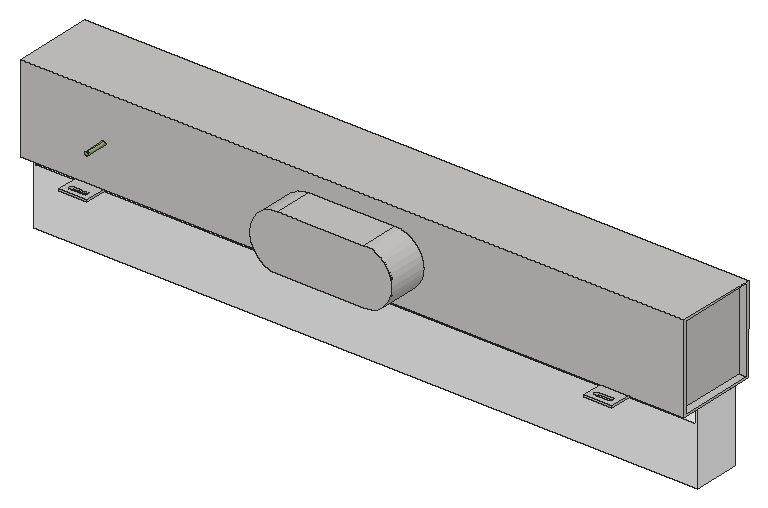
Revit family "HVAC-Inffuser-Dadanco-IDL10e", category Mechanical Equipment, Revit 2015
Parameters (values of type "4' Nominal Length")
  Zone Name [instance] = ""
  Zone ID [instance] = ""
  Unit Width = 0' - 8 199/256"  # constant formula
  Unit Tag [instance] = ""
  Unit Height = 0' - 11 105/256"  # constant formula
  URL = "http://www.dadanco.com/"
  Type Comments = "1 way Discharge External Entrainment Linear Inffuser"
  Total Cooling Capacity = 0.0 Btu/h
  Supply Air = 0 CFM
  Revision Date = "04/04/2008"  # constant formula
  Primary Air Static Pressure [instance] = PASP  # 0.00 in-wg
  Primary Air Inlet Size = 0' - 8"
  Primary Air Flow Rate [instance] = PA  # 0 CFM
  PASP = 0.00 in-wg
  PA = 0 CFM
  Overall Unit Length = Nominal Unit Length - 0' 0 1/4"  # 3' - 11 3/4"
  Nozzle Configuration = ""
  Nominal Unit Length = 4' - 0"
  Net Unit Cooling Sensible = 0.0 Btu/h
  Model Number = ""
  Latent Cooling = 0.0 Btu/h
  Keynote = "23 37 00.A1"
  Grill Material = Metal-Dadanco-Aluminum-Bone White
  Product Page URL = "http://www.dadanco.com/inffuser/dadanco_inffuser_air.asp"
  Documentation Link = "http://www.dadanco.com/inffuser/air_quality_literature.asp?productLineID=31"
  Elevation = ""
  Discharge Rear [instance] = not(Discharge Front)  # no
  Discharge Front [instance] = yes
  Cooling Supply Air Temperature = 0 °F
  Cooling Room Relative Humidity = 0
  Cooling Room Dry Bulb = 0 °F
  Cooling Primary Air Relative Humidity = 0
  Model = "IDL10E"  # constant formula
  Manufacturer = "Dadanco"  # constant formula
  Plenum Material = Metal-Dadanco-Steel-Galvanized
  Description = "Inffuser"  # constant formula
  Cooling Primary Air Dry Bulb = 0 °F
  Architectural Design Manual = "http://www.dadanco.com/inffuser/dadanco_inffuser_air.asp"
  Air Inlet Length = if(Primary Air Inlet Size = 0' 6", 0' 7 215/256", if(Primary Air Inlet Size = 0' 8", 0' 10 61/256", if(Primary Air Inlet Size = 0' 10", 1' 0 215/256", 0' 6")))  # 0' - 10 61/256"
  Air Inlet Radius = if(Primary Air Inlet Size = 0' 6", 0' 1 41/128", if(Primary Air Inlet Size = 0' 8", 0' 2 5/256", if(Primary Air Inlet Size = 0' 10", 0' 2 41/128", 0' 1 1/2")))  # 0' - 2 5/256"
  Air Inlet Height = Air Inlet Radius * 2  # 0' - 4 5/128"
  Air Inlet Half Length = Air Inlet Length / 2  # 0' - 5.11914"
  Assembly Code = "D3040100"
Reference planes (in)
  plane 1 "Center (Front/Back)": y = 4.89822
  plane 2 "Bottom of Plenum": z = 5.11116
  plane 3 "Center (Left/Right)": x = 0.55581
  plane 4 "Nominal Right": x = 24.43081
  plane 5 "Back Edge of Back Bracket": y = 9.28689
  plane 6 "Front Edge of Front Bracket": y = 0.50955
  plane 7 "Top": z = 11.41016
  plane 8 "Bottom": z = 0
  plane 9 "Nominal Left": x = -23.31919
  plane 10 "Back Face of Plenum": y = 7.77822
  plane 11 "Front Face of Plenum": y = 2.01822
  plane 12 "Back Face of Grill": y = 6.57122
  plane 13 "Front Face of Grill": y = 3.22522
  plane 14 "Comiss Pipe Centerline": x = -17.31919
  plane 15 "Left Bracket Left Edge": x = -19.31919
  plane 16 "Right Bracket Right Edge": x = 20.43081
  plane 17 "Left End of Air Inlet": x = -4.56333
  plane 18 "Right End of Air Inlet": x = 5.67495
  plane 19 "Horizontal Centerline of Air Inlet": z = 8.11116
  plane 20 "Top of Grill": z = 4.12716
Forms (in)
  Extrusion 1, solid, material "Metal-Dadanco-Steel-Galvanized" <- "Plenum Material"
    sketch origin (0.55581, 0, 0) x (0, 1, 0) y (0, 0, 1)
      loop
        line (2.01822, 5.11116) -> (7.77822, 5.11116) -> (7.77822, 11.41016) -> (2.01822, 11.41016) -> (2.01822, 5.11116)
    from -23.875 to 23.875
  Extrusion 2, solid, material "Metal-Dadanco-Aluminum-Bone White" <- "Grill Material"
    sketch origin (-13.44419, 7.52127, -6.32843) x (0, 0, -1) y (1, 0, 0)
      loop
        line (-11.43959, -9.875) -> (-6.32843, -9.875) -> (-6.32843, 37.875) -> (-11.43959, 37.875) -> (-11.43959, 37.75) -> (-10.45559, 37.75) -> (-10.45559, -9.75) -> (-11.43959, -9.75) -> (-11.43959, -9.875)
    from 0.95005 to 4.29605
  Extrusion 3, void, detail levels medium+fine
    sketch origin (0.55581, 0, 0) x (0, 1, 0) y (0, 0, 1)
      loop
        line (2.14322, 5.23616) -> (7.65322, 5.23616) -> (7.65322, 11.28516) -> (2.14322, 11.28516) -> (2.14322, 5.23616)
    from 23.275 to 23.875
  Extrusion 4, void, detail levels medium+fine
    sketch origin (-23.31919, 29.0104, 48) x (0, -1, 0) y (0, 0, 1)
      loop
        line (21.35718, -42.76384) -> (26.86718, -42.76384) -> (26.86718, -36.71484) -> (21.35718, -36.71484) -> (21.35718, -42.76384)
    from -0.60156 to 0
  Extrusion 5, solid, material "Metal-Dadanco-Copper-Platina", detail levels medium+fine
    sketch origin (-9.20803, 2.01822, 25.43034) x (0, 0, -1) y (-1, 0, 0)
      loop
        circle (17.31919, 8.11116) r 0.125
    from -1.50867 to 0
  Extrusion 6, solid, material "Metal-Dadanco-Steel-Galvanized" <- "Plenum Material", detail levels medium+fine
    sketch origin (0, 2.01822, 0) x (-1, 0, 0) y (0, 0, 1)
      loop
        line (2.5438, 10.13069) -> (-3.65542, 10.13069)
        spline (-3.65542, 10.13069) -> (-4.17811, 10.06187) -> (-4.66519, 9.86012) -> (-5.08345, 9.53918) -> (-5.40439, 9.12092) -> (-5.60614, 8.63385) -> (-5.67495, 8.11116) -> (-5.60614, 7.58846) -> (-5.40439, 7.10139) -> (-5.08345, 6.68313) -> (-4.66519, 6.36219) -> (-4.17811, 6.16044) -> (-3.65542, 6.09162)
        line (-3.65542, 6.09162) -> (2.5438, 6.09162)
        spline (2.5438, 6.09162) -> (3.06649, 6.16044) -> (3.55356, 6.36219) -> (3.97182, 6.68313) -> (4.29276, 7.10139) -> (4.49452, 7.58846) -> (4.56333, 8.11116) -> (4.49452, 8.63385) -> (4.29276, 9.12092) -> (3.97182, 9.53918) -> (3.55356, 9.86012) -> (3.06649, 10.06187) -> (2.5438, 10.13069)
    from -2.8 to 0
Cuts and joins
  Extrusion 3, Extrusion 4 cuts Extrusion 1
Lines and regions (in)
  Masking region 1
    outline origin (0, 0, 11.41016) x (0, 1, 0) y (-1, 0, 0)
      loop
        line (2.01822, 23.31919) -> (2.01822, -24.43081) -> (7.77822, -24.43081) -> (7.77822, 23.31919) -> (2.01822, 23.31919)
  Masking region 2
    outline origin (0, 2.01822, 0) x (-1, 0, 0) y (0, 0, 1)
      loop
        line (-24.43081, 0) -> (23.31919, 0) -> (23.31919, 11.41016) -> (-24.43081, 11.41016) -> (-24.43081, 0)
  Masking region 3, detail levels medium+fine
    outline origin (-23.31919, 29.0104, 48) x (0, 1, 0) y (0, 0, 1)
      loop
        line (-21.23218, -36.58984) -> (-26.99218, -36.58984) -> (-26.99218, -42.88884) -> (-25.78518, -42.88884) -> (-25.78518, -48) -> (-22.43918, -48) -> (-22.43918, -42.88884) -> (-21.23218, -42.88884) -> (-21.23218, -36.58984)
  Masking region 4, detail levels medium+fine
    outline origin (24.43081, 0, 0) x (0, 1, 0) y (0, 0, 1)
      loop
        line (7.77822, 11.41016) -> (2.01822, 11.41016) -> (2.01822, 5.11116) -> (3.22522, 5.11116) -> (3.22522, 0) -> (6.57122, 0) -> (6.57122, 5.11116) -> (7.77822, 5.11116) -> (7.77822, 11.41016)
  Masking region 5, detail levels medium+fine
    outline origin (0, 0, 8.11116) x (-1, 0, 0) y (0, -1, 0)
      loop
        line (4.56333, 0.78178) -> (-5.67495, 0.78178) -> (-5.67495, -2.01822) -> (4.56333, -2.01822) -> (4.56333, 0.78178)
  Masking region 6, detail levels coarse
    outline origin (24.43081, 0, 0) x (0, 1, 0) y (0, 0, 1)
      loop
        line (2.01822, 11.41016) -> (2.01822, 0) -> (7.77822, 0) -> (7.77822, 11.41016) -> (2.01822, 11.41016)
  Masking region 7, detail levels medium+fine
    outline origin (0.55581, 0, 0) x (0, 1, 0) y (0, 0, 1)
      loop
        line (-0.78178, 6.09162) -> (2.01822, 6.09162) -> (2.01822, 10.13069) -> (-0.78178, 10.13069) -> (-0.78178, 6.09162)
  reference lines
    curve 1: line (-6.4555, 2.01822, 6.09162) -> (8.94293, 2.01822, 6.09162)
    curve 2: line (-6.4555, 2.01822, 10.13069) -> (8.94293, 2.01822, 10.13069)
    curve 4: line (-2.5438, 2.01822, 5.85851) -> (-2.5438, 2.01822, 10.72103)
    curve 5: line (3.65542, 2.01822, 5.85851) -> (3.65542, 2.01822, 10.72103)
    curve 6: line (-5.29742, -0.78178, 0) -> (7.35102, -0.78178, 0)
  model lines, style "MechanicalEquipment", visible <- "Discharge Front", detail levels medium+fine
    curve 3: line (-23.31919, 5.32122, 0) -> (24.43081, 5.32122, 0)
  symbolic lines, detail levels fine
    curve 7: line (-17.44419, 2.01822, 5.11116) -> (-17.44419, 0.50955, 5.11116)
    curve 17: line (-23.31919, 7.65322, 5.23616) -> (-23.31919, 2.14322, 5.23616)
    curve 18: line (-23.31919, 7.65322, 11.28516) -> (-23.31919, 7.65322, 5.23616)
    curve 19: line (-23.31919, 2.14322, 11.28516) -> (-23.31919, 7.65322, 11.28516)
    curve 20: line (-23.31919, 2.14322, 5.23616) -> (-23.31919, 2.14322, 11.28516)
    curve 25: line (0.55581, 2.14322, 5.23616) -> (0.55581, 7.65322, 5.23616)
    curve 26: line (0.55581, 2.14322, 11.28516) -> (0.55581, 2.14322, 5.23616)
    curve 27: line (0.55581, 7.65322, 11.28516) -> (0.55581, 2.14322, 11.28516)
    curve 28: line (0.55581, 7.65322, 5.23616) -> (0.55581, 7.65322, 11.28516)
  symbolic lines, detail levels medium+fine
    curve 8: line (24.30581, 7.77822, 5.11116) -> (24.30581, 7.77822, 4.12716)
    curve 9: line (24.30581, 7.77822, 4.12716) -> (-23.19419, 7.77822, 4.12716)
    curve 10: line (-23.19419, 7.77822, 4.12716) -> (-23.19419, 7.77822, 5.11116)
    curve 11: line (-23.34222, 7.77822, 5.11116) -> (24.43081, 7.77822, 5.11116)
    curve 12: line (-23.19419, 2.01822, 5.11116) -> (-23.19419, 2.01822, 4.12716)
    curve 13: line (-23.19419, 2.01822, 4.12716) -> (24.30581, 2.01822, 4.12716)
    curve 14: line (24.30581, 2.01822, 4.12716) -> (24.30581, 2.01822, 5.11116)
    curve 15: line (24.43081, 2.01822, 5.11116) -> (-23.34222, 2.01822, 5.11116)
    curve 16: line (-23.31919, 6.57122, 5.11116) -> (-23.31919, 3.22522, 5.11116)
    curve 21: line (-17.31919, 2.01822, 8.23616) -> (-17.31919, 0.50955, 8.23616)
    curve 22: line (-17.31919, 0.50955, 8.23616) -> (-17.31919, 0.50955, 7.98616)
    curve 23: line (-17.31919, 0.50955, 7.98616) -> (-17.31919, 2.01822, 7.98616)
    curve 24: line (24.43081, 3.22522, 5.11116) -> (24.43081, 6.57122, 5.11116)
    curve 29: circle (-17.31919, 2.01822, 8.11116) r 0.125 normal (0, 1, 0)
    curve 30: spline (-2.5438, 2.01822, 6.09162) -> (-3.06649, 2.01822, 6.16044) -> (-3.55356, 2.01822, 6.36219) -> (-3.97182, 2.01822, 6.68313) -> (-4.29276, 2.01822, 7.10139) -> (-4.49452, 2.01822, 7.58846) -> (-4.56333, 2.01822, 8.11116) -> (-4.49452, 2.01822, 8.63385) -> (-4.29276, 2.01822, 9.12092) -> (-3.97182, 2.01822, 9.53918) -> (-3.55356, 2.01822, 9.86012) -> (-3.06649, 2.01822, 10.06187) -> (-2.5438, 2.01822, 10.13069)
    curve 31: spline (3.65542, 2.01822, 10.13069) -> (4.17811, 2.01822, 10.06187) -> (4.66519, 2.01822, 9.86012) -> (5.08345, 2.01822, 9.53918) -> (5.40439, 2.01822, 9.12092) -> (5.60614, 2.01822, 8.63385) -> (5.67495, 2.01822, 8.11116) -> (5.60614, 2.01822, 7.58846) -> (5.40439, 2.01822, 7.10139) -> (5.08345, 2.01822, 6.68313) -> (4.66519, 2.01822, 6.36219) -> (4.17811, 2.01822, 6.16044) -> (3.65542, 2.01822, 6.09162)
    curve 32: line (-2.5438, 2.01822, 10.13069) -> (3.65542, 2.01822, 10.13069)
    curve 33: line (3.65542, 2.01822, 6.09162) -> (-2.5438, 2.01822, 6.09162)
  model lines, style "MechanicalEquipment", visible <- "Discharge Rear", detail levels medium+fine
    curve 34: line (-23.31919, 4.47522, 0) -> (24.43081, 4.47522, 0)
Dimensions and locks (in)
  equal spacing: plane 9 "Nominal Left", plane 3 "Center (Left/Right)", plane 4 "Nominal Right"
  "Overall Unit Length": plane 9 "Nominal Left" to plane 4 "Nominal Right"
  "Unit Width": plane 6 "Front Edge of Front Bracket" to plane 5 "Back Edge of Back Bracket"
  equal spacing: plane 5 "Back Edge of Back Bracket", plane 1 "Center (Front/Back)", plane 6 "Front Edge of Front Bracket"
  "Unit Height": plane 7 "Top" to plane 8 "Bottom"
  locked: plane 7 "Top" to plane 2 "Bottom of Plenum" at 6.299
  locked: plane 10 "Back Face of Plenum" to plane 11 "Front Face of Plenum" at 5.76
  equal spacing: plane 10 "Back Face of Plenum", plane 1 "Center (Front/Back)", plane 11 "Front Face of Plenum"
  locked: plane 9 "Nominal Left" to plane 14 "Comiss Pipe Centerline" at 6
  locked: plane 9 "Nominal Left" to plane 15 "Left Bracket Left Edge" at 4
  locked: plane 16 "Right Bracket Right Edge" to plane 4 "Nominal Right" at 4
  locked: plane 19 "Horizontal Centerline of Air Inlet" to plane 2 "Bottom of Plenum" at 3
  "Air Inlet Half Length": plane 17 "Left End of Air Inlet" to plane 3 "Center (Left/Right)"
  "Air Inlet Half Length": plane 18 "Right End of Air Inlet" to plane 3 "Center (Left/Right)"
  "Air Inlet Radius": plane 19 "Horizontal Centerline of Air Inlet" to curve 1
  "Air Inlet Radius": curve 2 to plane 19 "Horizontal Centerline of Air Inlet"
  locked: plane 2 "Bottom of Plenum" to plane 20 "Top of Grill" at 0.984
  locked: Extrusion 2 sketch curve to Extrusion 2 sketch curve at 0.125
  locked: Extrusion 2 sketch curve to plane 9 "Nominal Left" at 0.125
  locked: plane 7 "Top" to Extrusion 3 sketch curve at 0.125
  locked: Extrusion 1 to Extrusion 3 sketch curve at 0.125
  locked: Extrusion 3 sketch curve to Extrusion 1 at 0.125
  locked: Extrusion 3 sketch curve to plane 2 "Bottom of Plenum" at 0.125
  locked: cut or joined group of Extrusion 1, Extrusion 3, Extrusion 4 to plane 4 "Nominal Right" at 0.6  (x2)
  locked: cut or joined group of Extrusion 1, Extrusion 3, Extrusion 4 to plane 9 "Nominal Left" at 0.60156
  plane 4 "Nominal Right" to cut or joined group of Extrusion 1, Extrusion 3, Extrusion 4 = 0' - 0"
  locked: plane 9 "Nominal Left" to cut or joined group of Extrusion 1, Extrusion 3, Extrusion 4 at 0
  locked: curve 3 to plane 12 "Back Face of Grill" at 1.25
  "Air Inlet Radius": plane 17 "Left End of Air Inlet" to curve 4
  "Air Inlet Radius": plane 18 "Right End of Air Inlet" to curve 5
  locked: plane 18 "Right End of Air Inlet" to Extrusion 6 sketch curve at 0
  locked: plane 17 "Left End of Air Inlet" to Extrusion 6 sketch curve at 0
  locked: plane 11 "Front Face of Plenum" to curve 6 at 2.8
  locked: plane 12 "Back Face of Grill" to plane 13 "Front Face of Grill" at 3.346
  equal spacing: plane 12 "Back Face of Grill", plane 1 "Center (Front/Back)", plane 13 "Front Face of Grill"
  locked: plane 9 "Nominal Left" to cut or joined group of Extrusion 1, Extrusion 3, Extrusion 4 at 0.60156
  "Air Inlet Half Length": Masking region 5 sketch curve to plane 3 "Center (Left/Right)"
  "Air Inlet Half Length": plane 3 "Center (Left/Right)" to Masking region 5 sketch curve
  locked: curve 34 to plane 13 "Front Face of Grill" at 1.25
  aligned and locked: plane 8 "Bottom" to level
  aligned and locked: plane 11 "Front Face of Plenum" to Extrusion 1 sketch curve
  aligned and locked: plane 7 "Top" to Extrusion 1 sketch curve
  aligned and locked: Extrusion 1 to plane 9 "Nominal Left"
  aligned and locked: Extrusion 1 to plane 4 "Nominal Right"
  aligned and locked: plane 10 "Back Face of Plenum" to Extrusion 1 sketch curve
  aligned and locked: Extrusion 2 sketch curve to plane 9 "Nominal Left"
  aligned and locked: plane 2 "Bottom of Plenum" to Extrusion 2 sketch curve  (x2)
  aligned and locked: plane 8 "Bottom" to Extrusion 2 sketch curve
  aligned and locked: Extrusion 2 sketch curve to plane 4 "Nominal Right"
  aligned and locked: Extrusion 2 to plane 13 "Front Face of Grill"
  aligned and locked: plane 12 "Back Face of Grill" to Extrusion 2
  aligned and locked: Extrusion 3 to plane 4 "Nominal Right"
  aligned and locked: Extrusion 4 sketch curve to cut or joined group of Extrusion 1, Extrusion 3, Extrusion 4  (x3)
  aligned and locked: cut or joined group of Extrusion 1, Extrusion 3, Extrusion 4 to Extrusion 4 sketch curve
  aligned and locked: cut or joined group of Extrusion 1, Extrusion 3, Extrusion 4 to plane 4 "Nominal Right"
  aligned and locked: plane 4 "Nominal Right" to cut or joined group of Extrusion 1, Extrusion 3, Extrusion 4  (x3)
  aligned and locked: plane 9 "Nominal Left" to cut or joined group of Extrusion 1, Extrusion 3, Extrusion 4
  aligned and locked: Extrusion 4 to plane 9 "Nominal Left"
  aligned and locked: plane 11 "Front Face of Plenum" to Extrusion 5
  aligned and locked: plane 6 "Front Edge of Front Bracket" to Extrusion 5
  aligned and locked: plane 4 "Nominal Right" to curve 3
  aligned and locked: plane 9 "Nominal Left" to curve 3
  aligned and locked: curve 2 to Extrusion 6 sketch curve
  aligned and locked: Extrusion 6 sketch curve to curve 1
  aligned and locked: curve 5 to Extrusion 6 sketch curve  (x2)
  aligned and locked: curve 4 to Extrusion 6 sketch curve  (x2)
  aligned: plane 6 "Front Edge of Front Bracket" to Extrusion 6
  aligned and locked: plane 11 "Front Face of Plenum" to Extrusion 6
  aligned and locked: Masking region 1 sketch curve to cut or joined group of Extrusion 1, Extrusion 3, Extrusion 4  (x3)
  aligned and locked: cut or joined group of Extrusion 1, Extrusion 3, Extrusion 4 to Masking region 1 sketch curve
  aligned and locked: curve 6 to Extrusion 6
  aligned and locked: Extrusion 2 to Masking region 2 sketch curve
  aligned and locked: Masking region 2 sketch curve to curve 3
  aligned and locked: Masking region 2 sketch curve to cut or joined group of Extrusion 1, Extrusion 3, Extrusion 4  (x2)
  aligned and locked: curve 9 to plane 20 "Top of Grill"
  aligned and locked: plane 2 "Bottom of Plenum" to curve 11
  aligned and locked: plane 2 "Bottom of Plenum" to curve 15
  aligned and locked: curve 13 to plane 20 "Top of Grill"
  aligned and locked: Masking region 3 sketch curve to plane 7 "Top"
  aligned and locked: Masking region 3 sketch curve to plane 10 "Back Face of Plenum"
  aligned and locked: plane 11 "Front Face of Plenum" to Masking region 3 sketch curve
  aligned and locked: plane 13 "Front Face of Grill" to Masking region 3 sketch curve
  aligned and locked: Masking region 3 sketch curve to plane 12 "Back Face of Grill"
  aligned and locked: Masking region 3 sketch curve to plane 8 "Bottom"
  aligned and locked: plane 2 "Bottom of Plenum" to Masking region 3 sketch curve  (x2)
  aligned and locked: curve 17 to cut or joined group of Extrusion 1, Extrusion 3, Extrusion 4  (x2)
  aligned and locked: cut or joined group of Extrusion 1, Extrusion 3, Extrusion 4 to curve 20
  aligned and locked: curve 20 to cut or joined group of Extrusion 1, Extrusion 3, Extrusion 4
  aligned and locked: plane 2 "Bottom of Plenum" to Extrusion 2
  aligned and locked: curve 25 to cut or joined group of Extrusion 1, Extrusion 3, Extrusion 4  (x2)
  aligned and locked: cut or joined group of Extrusion 1, Extrusion 3, Extrusion 4 to curve 28
  aligned and locked: curve 28 to cut or joined group of Extrusion 1, Extrusion 3, Extrusion 4
  aligned and locked: plane 14 "Comiss Pipe Centerline" to Extrusion 5 sketch curve
  aligned and locked: plane 19 "Horizontal Centerline of Air Inlet" to Extrusion 5 sketch curve
  aligned and locked: plane 5 "Back Edge of Back Bracket" to nested 2
  aligned and locked: plane 6 "Front Edge of Front Bracket" to nested 1
  aligned and locked: plane 6 "Front Edge of Front Bracket" to nested 4
  aligned and locked: plane 5 "Back Edge of Back Bracket" to nested 3
  aligned and locked: nested 1 to plane 2 "Bottom of Plenum"
  aligned and locked: plane 2 "Bottom of Plenum" to nested 2
  aligned and locked: plane 2 "Bottom of Plenum" to nested 3
  aligned and locked: nested 4 to plane 2 "Bottom of Plenum"
  aligned and locked: plane 20 "Top of Grill" to Extrusion 2
  aligned and locked: cut or joined group of Extrusion 1, Extrusion 3, Extrusion 4 to plane 2 "Bottom of Plenum"
  aligned and locked: plane 15 "Left Bracket Left Edge" to nested 4
  aligned and locked: nested 3 to plane 15 "Left Bracket Left Edge"
  aligned and locked: nested 2 to plane 16 "Right Bracket Right Edge"
  aligned and locked: plane 16 "Right Bracket Right Edge" to nested 1
  aligned and locked: Masking region 5 sketch curve to Extrusion 6  (x2)
  aligned and locked: curve 4 to curve 30  (x2)
  aligned and locked: curve 5 to curve 31  (x2)
  aligned and locked: curve 32 to Extrusion 6
  aligned and locked: curve 33 to Extrusion 6
  aligned and locked: plane 11 "Front Face of Plenum" to Masking region 6 sketch curve
  aligned and locked: plane 7 "Top" to Masking region 6 sketch curve
  aligned and locked: plane 8 "Bottom" to Masking region 6 sketch curve
  aligned and locked: plane 10 "Back Face of Plenum" to Masking region 6 sketch curve
  aligned and locked: Masking region 7 sketch curve to Extrusion 6  (x3)
  aligned and locked: Extrusion 6 to Masking region 7 sketch curve
Automatic sketch dimensions
  curve 2 to plane 18 "Right End of Air Inlet" = 0' - 3.26798"
  plane 17 "Left End of Air Inlet" to curve 2 = 0' - 1.89217"
  curve 1 to curve 2 = 0' - 0"
  plane 17 "Left End of Air Inlet" to curve 1 = 0' - 1.89217"
  curve 4 to plane 7 "Top" = 0' - 0.68912"
  plane 2 "Bottom of Plenum" to curve 4 = 0' - 0.74736"
  plane 2 "Bottom of Plenum" to curve 5 = 0' - 0.74736"
  curve 5 to plane 7 "Top" = 0' - 0.68912"
  plane 18 "Right End of Air Inlet" to curve 6 = 0' - 1.67607"
  curve 6 to plane 17 "Left End of Air Inlet" = 0' - 0.73409"
  curve 16 to plane 2 "Bottom of Plenum" = 0' - 0"
  curve 16 to plane 13 "Front Face of Grill" = 0' - 0"
  curve 16 to plane 12 "Back Face of Grill" = 0' - 0"
  Extrusion 1 sketch curve to plane 2 "Bottom of Plenum" = 0' - 0"
  Extrusion 2 sketch curve to plane 20 "Top of Grill" = 0' - 0"
  curve 34 to plane 4 "Nominal Right" = 0' - 0"
  curve 34 to plane 9 "Nominal Left" = 0' - 0"
  plane 6 "Front Edge of Front Bracket" to curve 7 = 0' - 0"
  curve 7 to plane 11 "Front Face of Plenum" = 0' - 0"
  plane 14 "Comiss Pipe Centerline" to curve 7 = 0' - 0 1/8"
  plane 4 "Nominal Right" to curve 11 = 0' - 0"
  plane 4 "Nominal Right" to curve 9 = 0' - 0 1/8"
  plane 9 "Nominal Left" to curve 10 = 0' - 0 1/8"
  curve 11 to plane 9 "Nominal Left" = 0' - 0.02304"
  plane 4 "Nominal Right" to curve 15 = 0' - 0"
  plane 14 "Comiss Pipe Centerline" to curve 29 = 0' - 0"
  curve 29 to plane 19 "Horizontal Centerline of Air Inlet" = 0' - 0"
  plane 4 "Nominal Right" to curve 14 = 0' - 0 1/8"
  plane 9 "Nominal Left" to curve 13 = 0' - 0 1/8"
  curve 15 to plane 9 "Nominal Left" = 0' - 0.02304"
  curve 23 to plane 11 "Front Face of Plenum" = 0' - 0"
  curve 21 to plane 11 "Front Face of Plenum" = 0' - 0"
  curve 22 to plane 6 "Front Edge of Front Bracket" = 0' - 0"
  curve 23 to plane 19 "Horizontal Centerline of Air Inlet" = 0' - 0 1/8"
  plane 19 "Horizontal Centerline of Air Inlet" to curve 22 = 0' - 0 1/8"
  Masking region 4 sketch curve to plane 7 "Top" = 0' - 0"
  Masking region 4 sketch curve to plane 11 "Front Face of Plenum" = 0' - 0"
  level to Masking region 4 sketch curve = 0' - 0"
  Masking region 4 sketch curve to plane 13 "Front Face of Grill" = 0' - 0"
  Masking region 4 sketch curve to plane 12 "Back Face of Grill" = 0' - 0"
  Masking region 4 sketch curve to plane 10 "Back Face of Plenum" = 0' - 0"
  Masking region 4 sketch curve to plane 2 "Bottom of Plenum" = 0' - 0"  (x2)
  curve 24 to plane 2 "Bottom of Plenum" = 0' - 0"
  curve 24 to plane 13 "Front Face of Grill" = 0' - 0"
  curve 24 to plane 12 "Back Face of Grill" = 0' - 0"
  radius of Extrusion 5 sketch curve = 0' - 0 1/8"
  radius of curve 29 = 0' - 0 1/8"
Nested families (in)
  nested 1: "HVAC-Inffuser-Dadanco-IDL_Bracket" at (19.43081, 1.57555, 5.11116), type "Flat Bracket", detail levels medium+fine
  nested 2: "HVAC-Inffuser-Dadanco-IDL_Bracket" at (19.43081, 8.22089, 5.11116) x (-1, 0, 0) z (0, 0, 1), type "Flat Bracket", detail levels medium+fine
  nested 3: "HVAC-Inffuser-Dadanco-IDL_Bracket" at (-18.31919, 8.22089, 5.11116) x (-1, 0, 0) z (0, 0, 1), type "Flat Bracket", detail levels medium+fine
  nested 4: "HVAC-Inffuser-Dadanco-IDL_Bracket" at (-18.31919, 1.57555, 5.11116), type "Flat Bracket", detail levels medium+fine
  nested 5: "Duct Terminal Arrow" at (0.55581, 11.59522, 0) x (0.0059, 1, 0) z (0, 0, 1), visible <- "Discharge Rear", type "Duct Terminal Arrow"
  nested 6: "Duct Terminal Arrow" at (0.55581, -5.90303, 0) x (0, -1, 0) z (0, 0, 1), visible <- "Discharge Front", type "Duct Terminal Arrow"
Connectors (in)
  hvac at (0.55581, -0.78178, 8.11116), driven by "Air Inlet Height", driven by "Air Inlet Length", driven by "Primary Air Flow Rate", driven by "Primary Air Static Pressure"
    settings: on Extrusion 6, index 1, duct flow 0 CFM, flow factor 0, pres drop 0.00 in-wg, loss coef 0, conn angle 0.00°, conn width 10 61/256", conn height 4 5/128", conn diameter 24", duct sys type 1, conn prof type 1, flow config 1, flow direction 1, loss method 4, conn ref index -1, conn util no, is conn primary yes, conn desc "Primary Air Inlet Front"
Definition of nested family "HVAC-Inffuser-Dadanco-IDL_Bracket"
  Reference planes (in)
    plane 1 "Center (Front/Back)": y = 0
    plane 2: z = 0
    plane 3 "Center (Left/Right)": x = 0
    plane 4: x = -1
    plane 5: x = 1
    plane 6: y = 1.334
    plane 7: y = -1.066
  Forms (in)
    Extrusion 1, solid, detail levels medium+fine
      sketch origin (0, 0, 0) x (1, 0, 0) y (0, 1, 0)
        loop
          line (-1, -1.066) -> (1, -1.066) -> (1, 1.334) -> (-1, 1.334) -> (-1, -1.066)
      from -0.125 to 0
    Extrusion 2, void
      sketch origin (0, 0, 0) x (1, 0, 0) y (0, 1, 0)
        loop
          arc (-0.5, -0.35) -> (-0.683, -0.533) -> (-0.5, -0.716) r 0.183
          line (-0.5, -0.716) -> (0.5, -0.716)
          arc (0.5, -0.716) -> (0.683, -0.533) -> (0.5, -0.35) r 0.183
          line (0.5, -0.35) -> (-0.5, -0.35)
      from -0.125 to 0
  Cuts and joins
    Extrusion 2 cuts Extrusion 1
  Lines and regions (in)
    reference lines
      curve 1: line (-0.84521, -0.716, 0) -> (0.85256, -0.716, 0)
      curve 2: line (-0.84521, -0.35, 0) -> (0.85256, -0.35, 0)
      curve 3: line (-0.5, -0.90921, 0) -> (-0.5, -0.12051, 0)
      curve 4: line (0.5, -0.90921, 0) -> (0.5, -0.12051, 0)
    symbolic lines, detail levels fine
      curve 5: line (0.5, -0.35, 0) -> (-0.5, -0.35, 0)
      curve 6: arc (-0.5, -0.35, 0) -> (-0.683, -0.533, 0) -> (-0.5, -0.716, 0) r 0.183
      curve 7: line (-0.5, -0.716, 0) -> (0.5, -0.716, 0)
      curve 8: arc (0.5, -0.716, 0) -> (0.683, -0.533, 0) -> (0.5, -0.35, 0) r 0.183
      curve 9: line (-1, 0, -0.125) -> (1, 0, -0.125)
      curve 10: line (-1, 0, 0) -> (-1, 0, -0.125)
      curve 12: line (1, 0, -0.125) -> (1, 0, 0)
      curve 14: line (0, -1.066, -0.125) -> (0, -1.066, 0)
      curve 15: line (0, 1.334, -0.125) -> (0, -1.066, -0.125)
      curve 16: line (0, 1.334, 0) -> (0, 1.334, -0.125)
    symbolic lines, detail levels medium+fine
      curve 11: line (1, 0, 0) -> (-1, 0, 0)
      curve 13: line (0, -1.066, 0) -> (0, 1.334, 0)
      curve 17: line (-1, 0.434, 0) -> (-1, -1.066, 0)
      curve 18: line (-1, -1.066, 0) -> (1, -1.066, 0)
      curve 19: line (1, -1.066, 0) -> (1, 0.434, 0)
  Dimensions and locks (in)
    locked: plane 6 to plane 7 at 2.4
    equal spacing: plane 4, plane 3 "Center (Left/Right)", plane 5
    locked: plane 4 to plane 5 at 2
    locked: curve 1 to plane 7 at 0.35
    locked: curve 2 to plane 1 "Center (Front/Back)" at 0.35
    curve 3 to plane 3 "Center (Left/Right)" to curve 4 = 0' - 0 1/2" locked, 0' - 0 1/2" locked
    locked: Extrusion 1 to Extrusion 1 at 0.125
    locked: Extrusion 2 to Extrusion 2 at 0.125
    locked: plane 1 "Center (Front/Back)" to plane 6 at 1.334
    aligned and locked: plane 4 to Extrusion 1 sketch curve
    aligned and locked: Extrusion 1 sketch curve to plane 7
    aligned and locked: plane 6 to Extrusion 1 sketch curve
    aligned and locked: Extrusion 1 sketch curve to plane 5
    aligned and locked: level to Extrusion 1
    aligned and locked: curve 2 to Extrusion 2 sketch curve
    aligned and locked: Extrusion 2 sketch curve to curve 1
    aligned and locked: curve 4 to Extrusion 2 sketch curve  (x2)
    aligned and locked: curve 3 to Extrusion 2 sketch curve  (x2)
    aligned and locked: plane 2 to Extrusion 2
    aligned and locked: curve 6 to cut or joined group of Extrusion 1, Extrusion 2
    aligned and locked: curve 8 to cut or joined group of Extrusion 1, Extrusion 2
    aligned and locked: curve 9 to cut or joined group of Extrusion 1, Extrusion 2  (x2)
    aligned and locked: cut or joined group of Extrusion 1, Extrusion 2 to curve 12
    aligned and locked: curve 12 to cut or joined group of Extrusion 1, Extrusion 2
    aligned and locked: curve 13 to cut or joined group of Extrusion 1, Extrusion 2  (x2)
    aligned and locked: curve 16 to cut or joined group of Extrusion 1, Extrusion 2  (x2)
    aligned and locked: cut or joined group of Extrusion 1, Extrusion 2 to plane 5
    aligned and locked: plane 4 to curve 17
    aligned and locked: cut or joined group of Extrusion 1, Extrusion 2 to plane 7
  Automatic sketch dimensions
    curve 2 to plane 4 = 0' - 0.15479"
    curve 1 to plane 4 = 0' - 0.15479"
    plane 7 to curve 3 = 0' - 0.15679"
    plane 5 to curve 2 = 0' - 0.14744"
    plane 5 to curve 1 = 0' - 0.14744"
    plane 7 to curve 4 = 0' - 0.15679"
    plane 1 "Center (Front/Back)" to curve 4 = 0' - 0.12051"
    plane 1 "Center (Front/Back)" to curve 3 = 0' - 0.12051"
    curve 18 to plane 5 = 0' - 0"
    curve 18 to plane 7 = 0' - 0"
    curve 19 to plane 1 "Center (Front/Back)" = 0' - 0.434"
    curve 17 to plane 1 "Center (Front/Back)" = 0' - 0.434"
Definition of nested family "Duct Terminal Arrow"
  Reference planes (in)
    plane 1: y = 0
    plane 2: x = 0
  Lines and regions (in)
    Filled region 1, type "Solid Black"
      outline origin (-0.75, 0, 0) x (1, 0, 0) y (0, 1, 0)
        loop
          line (1, 0) -> (0.875, 0.0455) -> (0.875, -0.0455) -> (1, 0)
    detail lines
      curve 1: line (0, 0, 0) -> (0.25, 0, 0)
  Dimensions and locks (in)
    aligned and locked: plane 2 to curve 1
